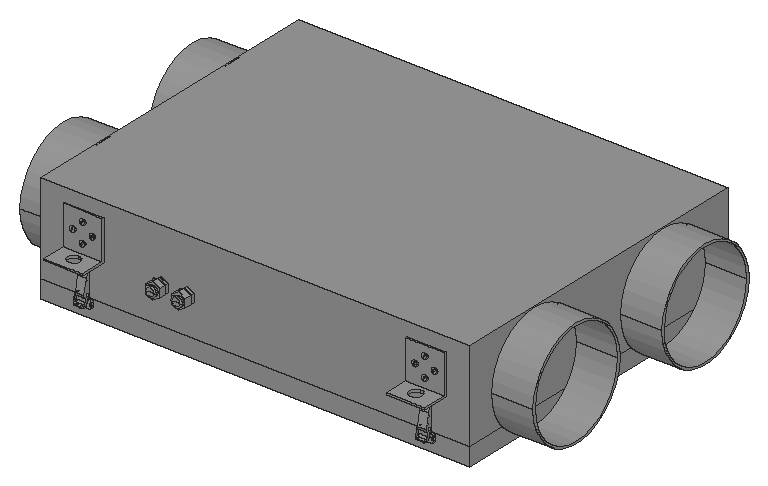
Revit family "KOMFORT Ultra D105", category Generic Models, Revit 2021
Family settings
  Can host rebar = No
  Round Connector Dimension = Use Diameter
  Part Type = Normal
  Work Plane-Based = No
  Always vertical = Yes
  Cut with Voids When Loaded = No
  Shared = No
  Room Calculation Point = No
Parameters (values of type "KOMFORT Ultra D 105")
  Width = B1 + bk  # 434 mm
  Weight = 10.00 kg
  Temperature of moving air = "-25...+40 °С"  # constant formula
  Sound pressure level at 3 m distance = "41 dBA"  # constant formula
  Length = L2  # 595 mm
  Height = H  # 125 mm
  Filter = "G4"  # constant formula
  Diameter = D  # 125 mm
  Default Elevation = 0 mm
  Description = ""
  Manufacturer = "Blauberg"  # constant formula
  bk = b1 * 2  # 30 mm
  b1 = (B1 - B) / 2  # 15 mm
  Voltage = if(Number of Fase = 3, 400 V, 230 V)  # 230 V
  URL = "https://blaubergventilatoren.de/en/series/komfort-ultra-d105"
  Pressure_Static_Air = 0.0 Pa
  Power = 56 W
  Number of Fase = 1  # constant formula
  Maximum Air Flow = 106.0 m³/h
  Maintenance zone material = none
  Load Classification = "HVAC"
  L1 = 397 mm
  L = 497 mm
  H = 125 mm
  Frequency = 50 Hz  # constant formula
  Dy = D - 4 mm  # 121 mm
  D = 125 mm
  Casing Material = Steel, galvanized
  B1 = 404 mm
  B = 374 mm
  Apparent Load = Voltage * Amperage  # 78.2 VA
  Amperage = 0.34 A
  Air Flow [instance] = 0.0 m³/h
  L2 = 595 mm
  09_System_Name [instance] = ""
  00_20_Type = "KOMFORT Ultra D 105"
  00_20_Name = "Air handling unit"  # constant formula
  00_20_Manufacturer = "Blauberg"  # constant formula
Types (3, lengths in mm): name | Weight | Height | H | 00_20_Type
  (no name) | 10.00 kg | 125 | 125 | "KOMFORT Ultra D 105"
  KOMFORT Ultra D 105 | 10.00 kg | 125 | 125 | "KOMFORT Ultra D 105"
  KOMFORT Ultra D 105-A | 13.00 kg | 224 | 224 | "KOMFORT Ultra D 105-A"
Reference planes
  plane 1 "По центру (Вперед/Назад)": y = 0
  plane 2: z = 0
  plane 3 "По центру (Влево/Вправо)": x = 0
  plane 4: x = -248.5
  plane 5: y = 187
  plane 6: y = -187
  plane 7: x = 248.5
  plane 8: z = -105
  plane 9: z = -125
  plane 10: y = 93.5
  plane 11: y = -93.5
  plane 12: z = -62.5
  plane 13: x = -198.5
  plane 14: x = 198.5
  plane 15: y = 202
  plane 16: y = -202
Forms (mm)
  Extrusion 1, solid, material "Steel, galvanized" <- "Casing Material"
    sketch origin (0, 0, 0) x (1, 0, 0) y (0, 1, 0)
      loop
        line (-248.5, 187) -> (-248.5, -187) -> (248.5, -187) -> (248.5, 187) -> (-248.5, 187)
    from -125 to -105
  Extrusion 2, solid, material "Steel, galvanized" <- "Casing Material"
    sketch origin (0, 0, 0) x (1, 0, 0) y (0, 1, 0)
      loop
        line (-248.5, 187) -> (-248.5, -187) -> (248.5, -187) -> (248.5, 187) -> (-248.5, 187)
    from -105 to 0
  Extrusion 3, solid, material "Steel, galvanized" <- "Casing Material"
    sketch origin (0, 0, 0) x (0, 1, 0) y (0, 0, 1)
      loop
        circle (93.5, -62.5) r 62.5
      loop
        circle (93.5, -62.5) r 60.5
      loop
        circle (-93.5, -62.5) r 62.5
      loop
        circle (-93.5, -62.5) r 60.5
    from 248.5 to 297.5
  Extrusion 4, solid, material "Steel, galvanized" <- "Casing Material"
    sketch origin (0, 0, 0) x (0, 1, 0) y (0, 0, 1)
      loop
        circle (93.5, -62.5) r 60.5
      loop
        circle (93.5, -62.5) r 62.5
      loop
        circle (-93.5, -62.5) r 62.5
      loop
        circle (-93.5, -62.5) r 60.5
    from -297.5 to -248.5
Dimensions and locks
  equal spacing: plane 4, plane 3 "По центру (Влево/Вправо)", plane 7
  "L": plane 4 to plane 7
  equal spacing: plane 5, plane 1 "По центру (Вперед/Назад)", plane 6
  "B": plane 5 to plane 6
  plane 8 to plane 9 = 20 mm
  "H": level to plane 9
  equal spacing: plane 5, plane 10, plane 1 "По центру (Вперед/Назад)"
  equal spacing: plane 1 "По центру (Вперед/Назад)", plane 11, plane 6
  equal spacing: level, plane 12, plane 9
  equal spacing: Extrusion 4, plane 3 "По центру (Влево/Вправо)", Extrusion 3
  "L2": Extrusion 4 to Extrusion 3
  equal spacing: plane 13, plane 3 "По центру (Влево/Вправо)", plane 14
  "L1": plane 13 to plane 14
  equal spacing: plane 16, plane 1 "По центру (Вперед/Назад)", plane 15
  "B1": plane 16 to plane 15
  "b1": nested 1 to plane 5
  "b1": nested 2 to plane 5
  "b1": plane 6 to nested 3
  "b1": plane 6 to nested 4
  "D": diameter of Extrusion 3 sketch curve  (x2)
  "Dy": diameter of Extrusion 3 sketch curve  (x2)
  "D": diameter of Extrusion 4 sketch curve  (x2)
  "Dy": diameter of Extrusion 4 sketch curve  (x2)
  aligned and locked: level to plane 2
  aligned and locked: Extrusion 1 sketch curve to plane 5
  aligned and locked: Extrusion 1 sketch curve to plane 4
  aligned and locked: plane 6 to Extrusion 1 sketch curve
  aligned and locked: Extrusion 1 sketch curve to plane 7
  aligned and locked: Extrusion 2 sketch curve to plane 5
  aligned and locked: Extrusion 2 sketch curve to plane 4
  aligned and locked: plane 6 to Extrusion 2 sketch curve
  aligned and locked: Extrusion 2 sketch curve to plane 7
  aligned and locked: plane 8 to Extrusion 2
  aligned and locked: level to Extrusion 2
  aligned and locked: plane 9 to Extrusion 1
  aligned and locked: Extrusion 1 to Extrusion 2
  aligned and locked: Extrusion 4 to plane 4
  aligned and locked: Extrusion 3 to plane 7
  aligned and locked: nested 2 to plane 13
  aligned and locked: nested 1 to plane 14
  aligned and locked: plane 13 to nested 3
  aligned and locked: plane 14 to nested 4
  aligned and locked: nested 3 to plane 12
  aligned and locked: nested 4 to plane 12
  aligned and locked: plane 12 to nested 2
  aligned and locked: plane 12 to nested 1
  aligned and locked: nested 5 to plane 13
  aligned and locked: nested 5 to plane 8
  aligned and locked: nested 6 to plane 14
  aligned and locked: nested 6 to plane 8
  aligned and locked: plane 13 to nested 7
  aligned and locked: plane 14 to nested 8
  aligned and locked: plane 8 to nested 7
  aligned and locked: plane 8 to nested 8
  aligned and locked: nested 7 to plane 5
  aligned and locked: nested 8 to plane 5
  aligned and locked: nested 5 to plane 6
  aligned and locked: nested 6 to plane 6
  aligned and locked: plane 6 to nested 5
  aligned and locked: nested 10 to plane 12
  aligned and locked: nested 9 to plane 12
Automatic sketch dimensions
  Extrusion 3 sketch curve to Extrusion 3 sketch curve = 0 mm  (x4)
  Extrusion 3 sketch curve to plane 11 = 0 mm
  Extrusion 3 sketch curve to plane 10 = 0 mm
  plane 12 to Extrusion 3 sketch curve = 0 mm  (x2)
  Extrusion 4 sketch curve to Extrusion 4 sketch curve = 0 mm  (x4)
  Extrusion 4 sketch curve to plane 11 = 0 mm
  Extrusion 4 sketch curve to plane 10 = 0 mm
  plane 12 to Extrusion 4 sketch curve = 0 mm  (x2)
Nested families
  nested 1: "Bracket" at (198.5, 187, -60.5) x (0, 1, 0) z (0, 0, -1), type "Bracket 30х30х30(a l h)"
    with a1 15 mm, a 30 mm
  nested 2: "Bracket" at (-198.5, 187, -60.5) x (0, 1, 0) z (0, 0, -1), type "Bracket 30х30х30(a l h)"
    with a1 15 mm, a 30 mm
  nested 3: "Bracket" at (-198.5, -187, -60.5) x (0, -1, 0) z (0, 0, -1), type "Bracket 30х30х30(a l h)"
    with a1 15 mm, a 30 mm
  nested 4: "Bracket" at (198.5, -187, -60.5) x (0, -1, 0) z (0, 0, -1), type "Bracket 30х30х30(a l h)"
    with a1 15 mm, a 30 mm
  nested 5: "Latch" at (-198.5, -187, -110) x (0, -1, 0) z (-1, 0, 0), type "Latch"
  nested 6: "Latch" at (198.5, -187, -110) x (0, -1, 0) z (-1, 0, 0), type "Latch"
  nested 7: "Latch" at (-198.5, 187, -110) x (0, 1, 0) z (-1, 0, 0), type "Latch"
  nested 8: "Latch" at (198.5, 187, -110) x (0, 1, 0) z (-1, 0, 0), type "Latch"
  nested 9: "Сonnector" at (-109.348, -187, -62.5) x (-1, 0, 0) z (0, -1, 0), type "16"
  nested 10: "Сonnector" at (-79.348, -187, -62.5) x (-1, 0, 0) z (0, -1, 0), type "16"
Connectors
  hvac at (-297.5, 93.5, -62.5), driven by "D"
    settings: on Extrusion 4, index 1, duct flow 0.0 m³/h, flow factor 0, pres drop 0.0 Pa, loss coef 0, conn angle 0.00°, conn width 304.8 mm, conn height 304.8 mm, conn diameter 125 mm, duct sys type 1, conn prof type 0, flow config 0, flow direction 2, loss method 0, conn ref index -1, conn util no, is conn primary yes, conn desc ""
  hvac at (-297.5, -93.5, -62.5), driven by "D"
    settings: on Extrusion 4, index 2, duct flow 0.0 m³/h, flow factor 0, pres drop 0.0 Pa, loss coef 0, conn angle 0.00°, conn width 304.8 mm, conn height 304.8 mm, conn diameter 125 mm, duct sys type 3, conn prof type 0, flow config 0, flow direction 1, loss method 0, conn ref index -1, conn util no, is conn primary no, conn desc ""
  hvac at (297.5, -93.5, -62.5), driven by "D"
    settings: on Extrusion 3, index 3, duct flow 0.0 m³/h, flow factor 0, pres drop 0.0 Pa, loss coef 0, conn angle 0.00°, conn width 304.8 mm, conn height 304.8 mm, conn diameter 125 mm, duct sys type 1, conn prof type 0, flow config 0, flow direction 1, loss method 0, conn ref index -1, conn util no, is conn primary no, conn desc ""
  hvac at (297.5, 93.5, -62.5), driven by "D"
    settings: on Extrusion 3, index 4, duct flow 0.0 m³/h, flow factor 0, pres drop 0.0 Pa, loss coef 0, conn angle 0.00°, conn width 304.8 mm, conn height 304.8 mm, conn diameter 125 mm, duct sys type 3, conn prof type 0, flow config 0, flow direction 2, loss method 0, conn ref index -1, conn util no, is conn primary no, conn desc ""
  electrical at (-109.348, -189.5, -62.5), driven by "Voltage", driven by "Apparent Load"
    settings: on nested 9, index 5, voltage 230 V, apparent load 78.2 VA, apparent load phase1 0 VA, apparent load phase2 0 VA, apparent load phase3 0 VA, power factor 1, load classification "Двигатель", number of poles 1, system type 30, power factor state 1, is connector primary yes, connector utility no, sub classification motor no, connector description ""
Definition of nested family "Bracket"
  Parameters (values of type "Уголок 30х30х30(a l h)")
    Default Elevation = 0 mm
    Manufacturer = "Вентс"  # constant formula
    Вырез = yes
    t = 2 mm  # constant formula
    lo = 10 mm  # constant formula
    l1 = l / 2  # 22.5 mm
    l = 45 mm
    h = 45 mm
    h2 = h1 / 2  # 11.25 mm
    h1 = h / 2  # 22.5 mm
    a1 = a / 2  # 25 mm
    a = 50 mm
    -l1 = -l / 2  # -22.5 mm
  Reference planes
    plane 1 "По центру (Вперед/Назад)": y = 0
    plane 2: z = 0
    plane 3 "По центру (Влево/Вправо)": x = 0
    plane 4: z = -22.5
    plane 5: x = 25
  Forms (mm)
    Extrusion 1, solid
      sketch origin (0, 0, 0) x (1, 0, 0) y (0, 0, 1)
        loop
          line (0, 2) -> (0, -45) -> (2, -45) -> (2, 0) -> (50, 0) -> (50, 2) -> (0, 2)
      from -22.5 <- "-l1" to 22.5 <- "l1"
    Extrusion 2, solid
      sketch origin (0, 0, 0) x (0, 1, 0) y (0, 0, 1)
        loop
          circle (0, -33.75) r 2.997
        loop
          circle (0, -33.75) r 1.031
        loop
          circle (0, -11.25) r 2.997
        loop
          circle (0, -11.25) r 1.031
        loop
          circle (-11.25, -22.5) r 2.997
        loop
          circle (-11.25, -22.5) r 1.031
        loop
          circle (11.25, -22.5) r 2.997
        loop
          circle (11.25, -22.5) r 1.031
      from -1 to 3
    Extrusion 3, void
      sketch origin (0, 0, 0) x (1, 0, 0) y (0, 1, 0)
        loop
          circle (25, 0) r 7.5
      from 0 to 2
  Cuts and joins
    Extrusion 3 cuts Extrusion 1
  Dimensions and locks
    "a": Extrusion 1 sketch curve to Extrusion 1 sketch curve
    "h": Extrusion 1 sketch curve to Extrusion 1 sketch curve
    "t": Extrusion 1 sketch curve to plane 3 "По центру (Влево/Вправо)"
    "t": Extrusion 1 sketch curve to level
    "h1": level to plane 4
    "h2": level to Extrusion 2 sketch curve
    "h1": Extrusion 2 sketch curve to Extrusion 2 sketch curve
    equal spacing: Extrusion 2 sketch curve, plane 1 "По центру (Вперед/Назад)", Extrusion 2 sketch curve
    "l1": Extrusion 2 sketch curve to Extrusion 2 sketch curve
    equal spacing: plane 3 "По центру (Влево/Вправо)", Extrusion 3 sketch curve, Extrusion 1
    "t": cut or joined group of Extrusion 1, Extrusion 3 to level
    "a1": plane 3 "По центру (Влево/Вправо)" to plane 5
    diameter of Extrusion 3 sketch curve = 15 mm
    aligned and locked: level to plane 2
    aligned and locked: Extrusion 1 sketch curve to plane 3 "По центру (Влево/Вправо)"
    aligned and locked: level to Extrusion 1 sketch curve
    aligned and locked: plane 1 "По центру (Вперед/Назад)" to Extrusion 2 sketch curve  (x2)
    aligned and locked: plane 4 to Extrusion 2 sketch curve  (x4)
    aligned and locked: Extrusion 3 to level
  Automatic sketch dimensions
    Extrusion 2 sketch curve to Extrusion 2 sketch curve = 0 mm  (x6)
    plane 1 "По центру (Вперед/Назад)" to Extrusion 3 sketch curve = 0 mm
    radius of Extrusion 2 sketch curve = 2.997 mm  (x4)
    radius of Extrusion 2 sketch curve = 1.031 mm  (x4)
Definition of nested family "Latch"
  Parameters (values of type "Защелка")
    Default Elevation = 0 mm
  Reference planes
    plane 1 "По центру (Вперед/Назад)": y = 0
    plane 2: z = 0
    plane 3 "По центру (Влево/Вправо)": x = 0
  Forms (mm)
    Extrusion 1, solid
      sketch origin (0, -5, 0) x (0, 1, 0) y (0, 0, 1)
        loop
          arc (3, 10) -> (0.879, 9.121) -> (0, 7) r 3
          line (0, 7) -> (0, -7)
          arc (0, -7) -> (0.879, -9.121) -> (3, -10) r 3
          line (3, -10) -> (7, -10)
          arc (7, -10) -> (9.121, -9.121) -> (10, -7) r 3
          line (10, -7) -> (10, 7)
          arc (10, 7) -> (9.121, 9.121) -> (7, 10) r 3
          line (7, 10) -> (3, 10)
      from 0 to 2
    Extrusion 2, solid
      sketch origin (0, 0, 0) x (1, 0, 0) y (0, 1, 0)
        loop
          line (2, 0.5) -> (2, -0.5) -> (7, -0.5)
          arc (7, -0.5) -> (7.707, -0.793) -> (8, -1.5) r 1
          arc (8, -1.5) -> (8.58, -2.08) -> (9.161, -1.5) r 0.58
          arc (9.161, -1.5) -> (8.575, -0.086) -> (7.161, 0.5) r 2
          line (7.161, 0.5) -> (2, 0.5)
      from -5 to 5
    Extrusion 3, solid
      sketch origin (0, 0, 0) x (1, 0, 0) y (0, 1, 0)
        loop
          line (0, 6.215) -> (3.363, 6.215)
          arc (3.363, 6.215) -> (5.643, 7.265) -> (6.327, 9.68) r 3
          line (6.327, 9.68) -> (3.08, 26.383)
          arc (3.08, 26.383) -> (1.485, 30.467) -> (2.223, 34.789) r 8.197
          arc (2.223, 34.789) -> (2.162, 35.751) -> (1.318, 36.215) r 1
          line (1.318, 36.215) -> (0, 36.215) -> (0, 6.215)
      from -5 to 5
    Sweep 4, solid
      path origin (2.535, 1.601, 0) x (-0.309017, 0.951057, 0) y (0, 0, 1)
        loop
          arc (-2.944, 6.5) -> (-3.651, 6.207) -> (-3.944, 5.5) r 1
          line (-3.944, 5.5) -> (-3.944, -5.5)
          arc (-3.944, -5.5) -> (-3.651, -6.207) -> (-2.944, -6.5) r 1
          line (-2.944, -6.5) -> (7.056, -6.5)
          arc (7.056, -6.5) -> (7.763, -6.207) -> (8.056, -5.5) r 1
          line (8.056, -5.5) -> (8.056, 5.5)
          arc (8.056, 5.5) -> (7.763, 6.207) -> (7.056, 6.5) r 1
          line (7.056, 6.5) -> (-2.944, 6.5)
      profile origin (1.9, 3.556, 6.5) x (0, 0, 1) y (0.951057, 0.309017, 0)
        loop
          circle (0, 3.594) r 0.5
    Extrusion 5, solid
      sketch origin (0, 0, 0) x (0, 1, 0) y (0, 0, 1)
        loop
          circle (0, 8.305) r 0.8
        loop
          circle (0, -8.305) r 0.8
      from 0 to 2
  Cuts and joins
    joined: Extrusion 1, Extrusion 2
  Dimensions and locks
    aligned and locked: level to plane 2
Definition of nested family "Сonnector"
  Parameters (values of type "32")
    Default Elevation = 1219.2 mm
    r1 = r / 1.3333  # 12 mm
    r = 16 mm
    h3 = H / 3.2  # 10 mm
    h1 = H / 1.28  # 25 mm
    h4 = H / 6.4  # 5 mm
    H = 32 mm
    A = 2 * r * tan(30.00°)  # 18.475 mm
  Types (3, lengths in mm): name | r1 | r | h3 | h1 | h4 | H | A
    32 | 12 | 16 | 10 | 25 | 5 | 32 | 18.475
    24 | 9 | 12 | 7.5 | 18.75 | 3.75 | 24 | 13.856
    16 | 6 | 8 | 5 | 12.5 | 2.5 | 16 | 9.238
  Reference planes
    plane 1 "По центру (Вперед/Назад)": y = 0
    plane 2: z = 0
    plane 3 "По центру (Влево/Вправо)": x = 0
  Forms (mm)
    Extrusion 1, solid
      sketch origin (-129.783, 0, -1.583) x (-1, 0, 0) y (0, -1, 0)
        loop
          line (-129.783, -18.475) -> (-113.783, -9.238) -> (-113.783, 9.238) -> (-129.783, 18.475) -> (-145.783, 9.238) -> (-145.783, -9.238) -> (-129.783, -18.475)
      from 1.583 to 6.583
    Extrusion 2, solid
      sketch origin (-129.783, 0, 0) x (-1, 0, 0) y (0, -1, 0)
        loop
          circle (-129.783, 0) r 12
      from 5 to 10
    Extrusion 3, solid
      sketch origin (-129.783, 0, 14.25) x (-1, 0, 0) y (0, -1, 0)
        loop
          line (-129.783, -18.475) -> (-113.783, -9.238) -> (-113.783, 9.238) -> (-129.783, 18.475) -> (-145.783, 9.238) -> (-145.783, -9.238) -> (-129.783, -18.475)
      from -4.25 to 10.75
    Revolve 4, solid
      sketch origin (-129.783, 0, -5.678) x (-1, 0, 0) y (0, 0, -1)
        loop
          line (-117.783, -30.678) -> (-129.783, -30.678) -> (-129.783, -37.678) -> (-118.783, -37.678)
          arc (-118.783, -37.678) -> (-118.076, -37.385) -> (-117.783, -36.678) r 1
          line (-117.783, -36.678) -> (-117.783, -30.678)
        axis (-129.783, -37.678) -> (-129.783, -30.678)
      angle from 0 to 360
  Dimensions and locks
    "A": Extrusion 3 sketch curve to Extrusion 3 sketch curve  (x6)
    equal spacing: Extrusion 3 sketch curve, plane 1 "По центру (Вперед/Назад)", Extrusion 3 sketch curve  (x2)
    "A": Extrusion 3 sketch curve to plane 1 "По центру (Вперед/Назад)" to Extrusion 3 sketch curve
    "A": Extrusion 1 sketch curve to Extrusion 1 sketch curve  (x6)
    "A": Extrusion 1 sketch curve to plane 1 "По центру (Вперед/Назад)" to Extrusion 1 sketch curve
    "r1": plane 3 "По центру (Влево/Вправо)" to Revolve 4 sketch curve
    "H": level to Revolve 4 sketch curve
    "h1": level to Extrusion 3
    "h3": level to Extrusion 3
    "h1": level to Revolve 4 sketch curve
    "h3": level to Extrusion 2
    "h4": level to Extrusion 2
    "h4": level to Extrusion 1
    "r1": radius of Extrusion 2 sketch curve
    aligned and locked: level to plane 2
    aligned and locked: Extrusion 1 to Extrusion 2
    aligned and locked: Extrusion 1 to level
    aligned and locked: Extrusion 3 to Extrusion 2
  Automatic sketch dimensions
    Extrusion 1 sketch curve to plane 3 "По центру (Влево/Вправо)" = 0 mm  (x2)
    plane 1 "По центру (Вперед/Назад)" to Extrusion 2 sketch curve = 0 mm
    Extrusion 2 sketch curve to plane 3 "По центру (Влево/Вправо)" = 0 mm
    Extrusion 3 sketch curve to plane 3 "По центру (Влево/Вправо)" = 0 mm
    Revolve 4 sketch curve to plane 3 "По центру (Влево/Вправо)" = 0 mm  (x2)
    Revolve 4 sketch curve to Revolve 4 sketch curve = 1 mm
    level to Revolve 4 sketch curve = 1.702 mm
    Revolve 4 sketch curve to level = 6.18 mm
